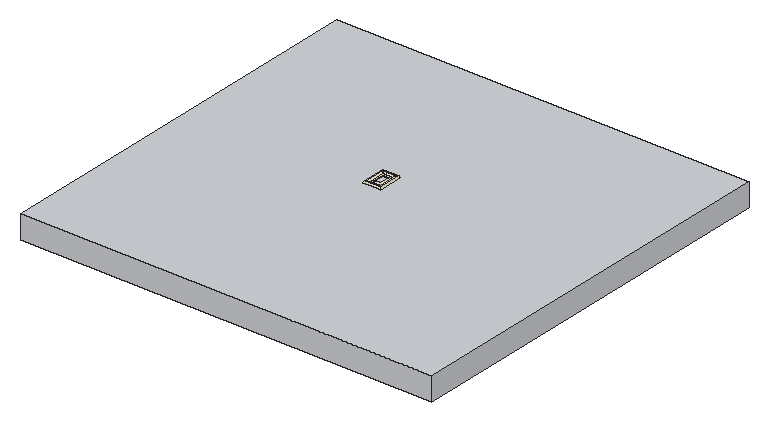
Revit family "231310006403970", category Modelos genéricos, Revit 2018
Family settings
  Anfitrión = Cara
  Puede alojar armadura = No
  Cota de conector redondo = Diámetro de uso
  Tipo de pieza = Normal
  Corte con vacíos al cargar = No
  Compartido = No
  Punto de cálculo de habitación = No
Parameters (values of type "VERSETTA STONE RECEPTACLE BOX TAUPE")
  Ventajas = ""
  Uso = ""
  Url Ficha tecnica = "https://empresascnp.cl/wp-content/uploads//pdf/ficha-tecnica-versetta-stone-receptacle-box-taupe.pdf"
  Unidad = "Por unidad"
  URL = "https://www.empresascnp.cl/"
  Num SKUs = "231310006403970"
  Nombre SKU = "VERSETTA STONE RECEPTACLE BOX TAUPE"
  Model = "VERSETTA STONE RECEPTACLE BOX"
  Material = Stone TAUPE
  Largo = 55.00 mm
  Espesor = 75.00 mm
  Empresa = "CNP SPA."
  Elevación por defecto = 1000.00 mm
  Dureza = ""
  Dimension = 75.00 mm
  Description = "Tapa para caja tecla de iluminacion."
  Assembly Code = ""
  Contacto = "info@empresascnp.cl"
  Color = "TAUPE"
  Aplicacion = "Accesorio para la instalación de Versetta Stone"
Reference planes
  plane 1: z = 0
  plane 2 "level above": z = 15
  plane 3 "level below": z = -50
  plane 4 "izq": x = -88.238
  plane 5: y = 55.02
  plane 6: y = 17.52
  plane 7: y = 27.52
  plane 8: y = 7.52
  plane 9: x = -60.738
  plane 10: x = -50.738
  plane 11: x = -70.738
  plane 12: y = -19.98
  plane 13 "2": x = -33.238
Forms (mm)
  Extrusion 1, solid
    sketch origin (0, 0, 0) x (1, 0, 0) y (0, 1, 0)
      loop
        line (-644.525, 571.5) -> (-644.525, -666.75) -> (644.525, -666.75) -> (644.525, 571.5) -> (-644.525, 571.5)
    from 0 to -72.672
  Revolve 2, void, not visible
    sketch origin (-150.829, 0, 5) x (-1, 0, 0) y (0, 1, 0)
      loop
        line (-149.164, 92.939) -> (-149.164, 94.562) -> (-184.164, 94.562) -> (-184.164, 77.939) -> (-164.164, 77.939)
        arc (-164.164, 77.939) -> (-159.771, 88.545) -> (-149.164, 92.939) r 15
      axis (-149.164, 94.562) -> (-149.164, 77.939)
    angle from 0 to -90
  Extrusion 3, solid, not visible
    sketch origin (-176.738, 0, 5) x (0, 1, 0) y (0, 0, 1)
      loop
        line (77.939, 15) -> (77.939, 0) -> (92.939, 0)
        arc (92.939, 0) -> (88.545, 10.607) -> (77.939, 15) r 15
    from 12.574 to 190.074
  Revolve 4, void, not visible
    sketch origin (0, 0, 5) x (1, 0, 0) y (0, 1, 0)
      loop
        line (-149.164, 92.939) -> (-149.164, 94.493) -> (-184.164, 94.493) -> (-184.164, 77.939) -> (-164.164, 77.939)
        arc (-164.164, 77.939) -> (-159.771, 88.545) -> (-149.164, 92.939) r 15
      axis (-149.164, 94.493) -> (-149.164, 77.939)
    angle from 0 to -90
  Blend 5, solid, material "Stone TAUPE" <- "Material"
    base sketch origin (0, 0, 0) x (1, 0, 0) y (0, 1, 0)
      loop
        line (-88.238, 55.02) -> (-88.238, -19.98) -> (-33.238, -19.98) -> (-33.238, 55.02) -> (-88.238, 55.02)
    top sketch origin (0, 0, 0) x (1, 0, 0) y (0, 1, 0)
      loop
        line (-86.238, 53.02) -> (-86.238, -17.98) -> (-35.238, -17.98) -> (-35.238, 53.02) -> (-86.238, 53.02)
    from 0 to 5
  Extrusion 6, void
    sketch origin (0, 0, 0) x (1, 0, 0) y (0, 1, 0)
      loop
        line (-70.738, 33.77) -> (-70.738, 1.27) -> (-50.738, 1.27) -> (-50.738, 33.77) -> (-70.738, 33.77)
    from -2.515 to 9.96
  Blend 7, void
    base sketch origin (0, 0, 0) x (1, 0, 0) y (0, 1, 0)
      loop
        line (-77.238, 44.02) -> (-77.238, -8.98) -> (-44.238, -8.98) -> (-44.238, 44.02) -> (-77.238, 44.02)
    top sketch origin (0, 0, 0) x (1, 0, 0) y (0, 1, 0)
      loop
        line (-81.238, 48.02) -> (-81.238, -12.98) -> (-40.238, -12.98) -> (-40.238, 48.02) -> (-81.238, 48.02)
    from 1.812 to 5
Cuts and joins
  Extrusion 6, Blend 7 cuts Blend 5
Lines and regions (mm)
  model lines, not visible
    curve 1: line (-164.164, 92.939, 0) -> (13.336, 92.939, 0)
    curve 2: line (13.336, 92.939, 0) -> (13.336, 77.939, 0)
    curve 3: line (13.336, 77.939, 0) -> (-164.164, 77.939, 0)
    curve 4: line (-164.164, 77.939, 0) -> (-164.164, 92.939, 0)
Dimensions and locks
  locked: plane 2 "level above" to level at 15
  locked: level to plane 3 "level below" at 50
  equal spacing: plane 12, plane 6, plane 5
  equal spacing: plane 7, plane 6, plane 8, locked at 10 each
  equal spacing: plane 4 "izq", plane 9, plane 13 "2"
  plane 11 to plane 9 to plane 10 = 10.00 mm locked, 10.00 mm locked
  aligned and locked: plane 1 to Extrusion 1
  aligned and locked: level to Extrusion 1
Automatic sketch dimensions
  Extrusion 1 sketch curve to Extrusion 1 sketch curve = 1289.05 mm
  Extrusion 1 sketch curve to Extrusion 1 sketch curve = 1238.25 mm
  Blend 5 sketch curve to plane 4 "izq" = 0.00 mm
  plane 5 to Blend 5 sketch curve = 0.00 mm
  Blend 5 sketch curve to plane 13 "2" = 0.00 mm
  plane 12 to Blend 5 sketch curve = 0.00 mm
  plane 4 "izq" to Blend 5 sketch curve = 2.00 mm
  Blend 5 sketch curve to plane 12 = 2.00 mm
  Blend 5 sketch curve to plane 13 "2" = 2.00 mm
  plane 5 to Blend 5 sketch curve = 2.00 mm
  Extrusion 6 sketch curve to plane 10 = 0.00 mm
  Extrusion 6 sketch curve to plane 7 = 6.25 mm
  Extrusion 6 sketch curve to plane 8 = 6.25 mm
  Extrusion 6 sketch curve to plane 11 = 0.00 mm
  plane 4 "izq" to Blend 7 sketch curve = 11.00 mm
  Blend 7 sketch curve to plane 13 "2" = 11.00 mm
  Blend 7 sketch curve to plane 12 = 11.00 mm
  plane 5 to Blend 7 sketch curve = 11.00 mm
  plane 4 "izq" to Blend 7 sketch curve = 7.00 mm
  Blend 7 sketch curve to plane 13 "2" = 7.00 mm
  Blend 7 sketch curve to plane 12 = 7.00 mm
  plane 5 to Blend 7 sketch curve = 7.00 mm
